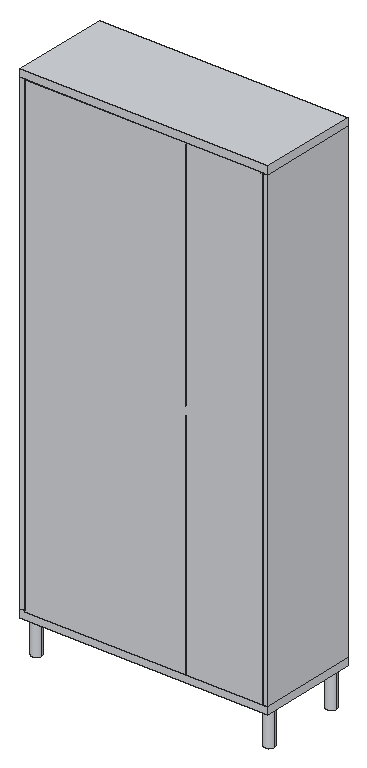
Revit family
Parameters (values of type "1000 x 400mm")
  URL = ""
  Model = ""
  Frame Material = none
  Description = "Shelving unit"
  Base Material = none
  Shelf Material = none
  Manufacturer = "Revit"
  Cost = 0
  Assembly Code = "E2020200"
Reference planes
  plane 1 "Centro A/I": y = 0
  plane 2: z = 0
  plane 3 "Centro S/D": x = 0
  plane 4: z = 1140
  plane 5: z = 1110
  plane 6: x = -150
  plane 7: x = -160
  plane 8: x = 170
  plane 9: x = 160
  plane 10: z = 1780
  plane 11: z = 1770
  plane 12: z = 1460
  plane 13: z = 1450
  plane 14: z = 790
  plane 15: z = 780
  plane 16: z = 460
  plane 17: z = 470
Forms (mm)
  Extrusion 1, solid, material <- "Frame Material"
    sketch origin (45.894, 0, 0) x (1, 0, 0) y (0, 1, 0)
      loop
        line (434.106, 208.575) -> (434.106, -191.425) -> (454.106, -191.425) -> (454.106, 208.575) -> (434.106, 208.575)
    from 170 to 2090
  Extrusion 2, solid, material <- "Frame Material"
    sketch origin (-934.106, 0, 0) x (1, 0, 0) y (0, 1, 0)
      loop
        line (434.106, 208.575) -> (434.106, -191.425) -> (454.106, -191.425) -> (454.106, 208.575) -> (434.106, 208.575)
    from 170 to 2090
  Extrusion 3, solid, material <- "Frame Material"
    sketch origin (45.894, 0, 0) x (1, 0, 0) y (0, 1, 0)
      loop
        line (-545.894, 208.575) -> (-545.894, -191.425) -> (454.106, -191.425) -> (454.106, 208.575) -> (-545.894, 208.575)
    from 140 to 170
  Extrusion 4, solid, material <- "Frame Material"
    sketch origin (45.894, 0, 0) x (1, 0, 0) y (0, 1, 0)
      loop
        line (-545.894, 208.575) -> (-545.894, -191.425) -> (454.106, -191.425) -> (454.106, 208.575) -> (-545.894, 208.575)
    from 2090 to 2120
  Extrusion 5, solid, material <- "Base Material"
    sketch origin (70.514, -4.341, 0) x (1, 0, 0) y (0, 1, 0)
      loop
        circle (398.427, -142.477) r 20
    from 0 to 140
  Extrusion 6, solid, material <- "Base Material"
    sketch origin (70.514, 24.341, 0) x (1, 0, 0) y (0, 1, 0)
      loop
        circle (398.427, 142.477) r 20
    from 0 to 140
  Extrusion 7, solid, material <- "Base Material"
    sketch origin (-70.514, -4.341, 0) x (-1, 0, 0) y (0, -1, 0)
      loop
        circle (398.427, 142.477) r 20
    from 0 to 140
  Extrusion 8, solid, material <- "Base Material"
    sketch origin (-70.514, 24.341, 0) x (-1, 0, 0) y (0, -1, 0)
      loop
        circle (398.427, -142.477) r 20
    from 0 to 140
  Extrusion 9, solid, material <- "Frame Material"
    sketch origin (45.894, 0, 0) x (1, 0, 0) y (0, 1, 0)
      loop
        line (-525.894, 208.575) -> (-525.894, -191.425) -> (434.106, -191.425) -> (434.106, 208.575) -> (-525.894, 208.575)
    from 1110 to 1140
  Extrusion 10, solid, material <- "Shelf Material"
    sketch origin (45.894, 0, 120) x (1, 0, 0) y (0, 1, 0)
      loop
        line (-205.894, 194.228) -> (-205.894, -191.425) -> (-195.894, -191.425) -> (-195.894, 194.228) -> (-205.894, 194.228)
    from 1020 to 1970
  Extrusion 11, solid, material <- "Shelf Material"
    sketch origin (365.894, 0, 120) x (1, 0, 0) y (0, 1, 0)
      loop
        line (-205.894, 194.228) -> (-205.894, -191.425) -> (-195.894, -191.425) -> (-195.894, 194.228) -> (-205.894, 194.228)
    from 1020 to 1970
  Extrusion 12, solid, material <- "Shelf Material"
    sketch origin (45.894, 0, -940) x (1, 0, 0) y (0, 1, 0)
      loop
        line (-205.894, 194.228) -> (-205.894, -191.425) -> (-195.894, -191.425) -> (-195.894, 194.228) -> (-205.894, 194.228)
    from 1110 to 2050
  Extrusion 13, solid, material <- "Shelf Material"
    sketch origin (365.894, 0, -940) x (1, 0, 0) y (0, 1, 0)
      loop
        line (-205.894, 194.228) -> (-205.894, -191.425) -> (-195.894, -191.425) -> (-195.894, 194.228) -> (-205.894, 194.228)
    from 1110 to 2050
  Extrusion 14, solid, material <- "Shelf Material"
    sketch origin (195.894, 0, 120) x (1, 0, 0) y (0, 1, 0)
      loop
        line (-25.894, 180) -> (-25.894, -186.276) -> (284.106, -186.276) -> (284.106, 180) -> (-25.894, 180)
    from 1650 to 1660
  Extrusion 15, solid, material <- "Shelf Material"
    sketch origin (-124.106, 0, 120) x (1, 0, 0) y (0, 1, 0)
      loop
        line (-25.894, 180) -> (-25.894, -186.276) -> (284.106, -186.276) -> (284.106, 180) -> (-25.894, 180)
    from 1650 to 1660
  Extrusion 16, solid, material <- "Shelf Material"
    sketch origin (-444.106, 0, 120) x (1, 0, 0) y (0, 1, 0)
      loop
        line (-25.894, 180) -> (-25.894, -186.276) -> (284.106, -186.276) -> (284.106, 180) -> (-25.894, 180)
    from 1650 to 1660
  Extrusion 17, solid, material <- "Shelf Material"
    sketch origin (195.894, 0, -200) x (1, 0, 0) y (0, 1, 0)
      loop
        line (-25.894, 180) -> (-25.894, -186.276) -> (284.106, -186.276) -> (284.106, 180) -> (-25.894, 180)
    from 1650 to 1660
  Extrusion 18, solid, material <- "Shelf Material"
    sketch origin (-124.106, 0, -200) x (1, 0, 0) y (0, 1, 0)
      loop
        line (-25.894, 180) -> (-25.894, -186.276) -> (284.106, -186.276) -> (284.106, 180) -> (-25.894, 180)
    from 1650 to 1660
  Extrusion 19, solid, material <- "Shelf Material"
    sketch origin (-444.106, 0, -200) x (1, 0, 0) y (0, 1, 0)
      loop
        line (-25.894, 180) -> (-25.894, -186.276) -> (284.106, -186.276) -> (284.106, 180) -> (-25.894, 180)
    from 1650 to 1660
  Extrusion 20, solid, material <- "Shelf Material"
    sketch origin (195.894, 0, -870) x (1, 0, 0) y (0, 1, 0)
      loop
        line (-25.894, 180) -> (-25.894, -186.276) -> (284.106, -186.276) -> (284.106, 180) -> (-25.894, 180)
    from 1650 to 1660
  Extrusion 21, solid, material <- "Shelf Material"
    sketch origin (-124.106, 0, -870) x (1, 0, 0) y (0, 1, 0)
      loop
        line (-25.894, 180) -> (-25.894, -186.276) -> (284.106, -186.276) -> (284.106, 180) -> (-25.894, 180)
    from 1650 to 1660
  Extrusion 22, solid, material <- "Shelf Material"
    sketch origin (-444.106, 0, -870) x (1, 0, 0) y (0, 1, 0)
      loop
        line (-25.894, 180) -> (-25.894, -186.276) -> (284.106, -186.276) -> (284.106, 180) -> (-25.894, 180)
    from 1650 to 1660
  Extrusion 23, solid, material <- "Shelf Material"
    sketch origin (195.894, 0, -1190) x (1, 0, 0) y (0, 1, 0)
      loop
        line (-25.894, 180) -> (-25.894, -186.276) -> (284.106, -186.276) -> (284.106, 180) -> (-25.894, 180)
    from 1650 to 1660
  Extrusion 24, solid, material <- "Shelf Material"
    sketch origin (-124.106, 0, -1190) x (1, 0, 0) y (0, 1, 0)
      loop
        line (-25.894, 180) -> (-25.894, -186.276) -> (284.106, -186.276) -> (284.106, 180) -> (-25.894, 180)
    from 1650 to 1660
  Extrusion 25, solid, material <- "Shelf Material"
    sketch origin (-444.106, 0, -1190) x (1, 0, 0) y (0, 1, 0)
      loop
        line (-25.894, 180) -> (-25.894, -186.276) -> (284.106, -186.276) -> (284.106, 180) -> (-25.894, 180)
    from 1650 to 1660
  Extrusion 26, solid, material <- "Shelf Material"
    sketch origin (-114.106, -3, 0) x (1, 0, 0) y (0, 1, 0)
      loop
        line (-365.894, -188.425) -> (-365.894, -191.425) -> (594.106, -191.425) -> (594.106, -188.425) -> (-365.894, -188.425)
    from 170 to 2090
Lines and regions (mm)
  sketch lines
    curve 1: line (-2000, 2000, 0) -> (2000, 2000, 0)
    curve 2: line (-2000, 2000, 0) -> (-2000, -2000, 0)
    curve 3: line (-2000, -2000, 0) -> (2000, -2000, 0)
    curve 4: line (2000, 2000, 0) -> (2000, -2000, 0)
  symbolic lines
    curve 5: line (-500, 208.575, 0) -> (500, 208.575, 0)
    curve 6: line (-500, -191.425, 0) -> (-500, 208.575, 0)
    curve 7: line (500, -191.425, 0) -> (-500, -191.425, 0)
    curve 8: line (500, 208.575, 0) -> (500, -191.425, 0)
Dimensions and locks
  aligned and locked: curve 5 to Extrusion 2
  aligned and locked: curve 5 to Extrusion 3
  aligned and locked: Extrusion 3 to curve 8
  aligned and locked: curve 8 to Extrusion 1
Automatic sketch dimensions
  curve 2 to curve 3 = 4000 mm
  curve 2 to curve 2 = 4000 mm
  plane 3 "Centro S/D" to Extrusion 1 sketch curve = 480 mm
  Extrusion 1 sketch curve to Extrusion 1 sketch curve = 20 mm
  plane 1 "Centro A/I" to Extrusion 1 sketch curve = 191.425 mm
  Extrusion 1 sketch curve to plane 1 "Centro A/I" = 208.575 mm
  plane 1 "Centro A/I" to Extrusion 2 sketch curve = 191.425 mm
  Extrusion 2 sketch curve to plane 3 "Centro S/D" = 500 mm
  Extrusion 2 sketch curve to Extrusion 2 sketch curve = 20 mm
  Extrusion 2 sketch curve to plane 1 "Centro A/I" = 208.575 mm
  plane 1 "Centro A/I" to Extrusion 3 sketch curve = 191.425 mm
  Extrusion 3 sketch curve to plane 3 "Centro S/D" = 500 mm
  plane 3 "Centro S/D" to Extrusion 3 sketch curve = 500 mm
  Extrusion 3 sketch curve to plane 1 "Centro A/I" = 208.575 mm
  plane 1 "Centro A/I" to Extrusion 4 sketch curve = 191.425 mm
  Extrusion 4 sketch curve to plane 3 "Centro S/D" = 500 mm
  plane 3 "Centro S/D" to Extrusion 4 sketch curve = 500 mm
  Extrusion 4 sketch curve to plane 1 "Centro A/I" = 208.575 mm
  plane 3 "Centro S/D" to Extrusion 5 sketch curve = 448.941 mm
  Extrusion 5 sketch curve to Extrusion 5 sketch curve = 20 mm
  plane 1 "Centro A/I" to Extrusion 5 sketch curve = 146.819 mm
  plane 3 "Centro S/D" to Extrusion 6 sketch curve = 448.941 mm
  Extrusion 6 sketch curve to Extrusion 6 sketch curve = 20 mm
  Extrusion 6 sketch curve to plane 1 "Centro A/I" = 166.819 mm
  plane 1 "Centro A/I" to Extrusion 7 sketch curve = 146.819 mm
  Extrusion 7 sketch curve to plane 3 "Centro S/D" = 448.941 mm
  Extrusion 7 sketch curve to Extrusion 7 sketch curve = 20 mm
  Extrusion 8 sketch curve to plane 1 "Centro A/I" = 166.819 mm
  Extrusion 8 sketch curve to plane 3 "Centro S/D" = 448.941 mm
  Extrusion 8 sketch curve to Extrusion 8 sketch curve = 20 mm
  plane 1 "Centro A/I" to Extrusion 9 sketch curve = 191.425 mm
  Extrusion 9 sketch curve to plane 3 "Centro S/D" = 480 mm
  plane 3 "Centro S/D" to Extrusion 9 sketch curve = 480 mm
  Extrusion 9 sketch curve to plane 1 "Centro A/I" = 208.575 mm
  plane 7 to Extrusion 10 sketch curve = 0 mm
  plane 8 to Extrusion 10 sketch curve = 320 mm
  plane 1 "Centro A/I" to Extrusion 10 sketch curve = 191.425 mm
  Extrusion 10 sketch curve to plane 1 "Centro A/I" = 194.228 mm
  Extrusion 11 sketch curve to plane 9 = 0 mm
  Extrusion 11 sketch curve to plane 8 = 0 mm
  plane 1 "Centro A/I" to Extrusion 11 sketch curve = 191.425 mm
  Extrusion 11 sketch curve to plane 1 "Centro A/I" = 194.228 mm
  Extrusion 12 sketch curve to plane 7 = 0 mm
  Extrusion 12 sketch curve to plane 6 = 0 mm
  plane 1 "Centro A/I" to Extrusion 12 sketch curve = 191.425 mm
  Extrusion 12 sketch curve to plane 1 "Centro A/I" = 194.228 mm
  Extrusion 13 sketch curve to plane 9 = 0 mm
  Extrusion 13 sketch curve to plane 8 = 0 mm
  plane 1 "Centro A/I" to Extrusion 13 sketch curve = 191.425 mm
  Extrusion 13 sketch curve to plane 1 "Centro A/I" = 194.228 mm
  plane 3 "Centro S/D" to Extrusion 14 sketch curve = 480 mm
  Extrusion 14 sketch curve to Extrusion 14 sketch curve = 310 mm
  plane 1 "Centro A/I" to Extrusion 14 sketch curve = 186.276 mm
  Extrusion 14 sketch curve to plane 1 "Centro A/I" = 180 mm
  Extrusion 15 sketch curve to Extrusion 15 sketch curve = 310 mm
  Extrusion 16 sketch curve to plane 7 = 0 mm
  plane 7 to Extrusion 16 sketch curve = 310 mm
  plane 1 "Centro A/I" to Extrusion 16 sketch curve = 186.276 mm
  Extrusion 16 sketch curve to plane 1 "Centro A/I" = 180 mm
  Extrusion 17 sketch curve to plane 8 = 0 mm
  Extrusion 17 sketch curve to Extrusion 17 sketch curve = 310 mm
  plane 1 "Centro A/I" to Extrusion 17 sketch curve = 186.276 mm
  Extrusion 17 sketch curve to plane 1 "Centro A/I" = 180 mm
  Extrusion 18 sketch curve to plane 6 = 0 mm
  Extrusion 18 sketch curve to plane 9 = 0 mm
  plane 1 "Centro A/I" to Extrusion 18 sketch curve = 186.276 mm
  Extrusion 18 sketch curve to plane 1 "Centro A/I" = 180 mm
  Extrusion 19 sketch curve to plane 7 = 0 mm
  plane 7 to Extrusion 19 sketch curve = 310 mm
  plane 1 "Centro A/I" to Extrusion 19 sketch curve = 186.276 mm
  Extrusion 19 sketch curve to plane 1 "Centro A/I" = 180 mm
  Extrusion 20 sketch curve to plane 8 = 0 mm
  Extrusion 20 sketch curve to Extrusion 20 sketch curve = 310 mm
  plane 1 "Centro A/I" to Extrusion 20 sketch curve = 186.276 mm
  Extrusion 20 sketch curve to plane 1 "Centro A/I" = 180 mm
  Extrusion 21 sketch curve to plane 6 = 0 mm
  Extrusion 21 sketch curve to plane 9 = 0 mm
  plane 1 "Centro A/I" to Extrusion 21 sketch curve = 186.276 mm
  Extrusion 21 sketch curve to plane 1 "Centro A/I" = 180 mm
  Extrusion 22 sketch curve to plane 7 = 0 mm
  plane 7 to Extrusion 22 sketch curve = 310 mm
  plane 1 "Centro A/I" to Extrusion 22 sketch curve = 186.276 mm
  Extrusion 22 sketch curve to plane 1 "Centro A/I" = 180 mm
  Extrusion 23 sketch curve to plane 8 = 0 mm
  Extrusion 23 sketch curve to Extrusion 23 sketch curve = 310 mm
  plane 1 "Centro A/I" to Extrusion 23 sketch curve = 186.276 mm
  Extrusion 23 sketch curve to plane 1 "Centro A/I" = 180 mm
  Extrusion 24 sketch curve to plane 6 = 0 mm
  Extrusion 24 sketch curve to plane 9 = 0 mm
  plane 1 "Centro A/I" to Extrusion 24 sketch curve = 186.276 mm
  Extrusion 24 sketch curve to plane 1 "Centro A/I" = 180 mm
  Extrusion 25 sketch curve to plane 7 = 0 mm
  plane 7 to Extrusion 25 sketch curve = 310 mm
  plane 1 "Centro A/I" to Extrusion 25 sketch curve = 186.276 mm
  Extrusion 25 sketch curve to plane 1 "Centro A/I" = 180 mm
  plane 8 to Extrusion 26 sketch curve = 650 mm
  Extrusion 26 sketch curve to Extrusion 26 sketch curve = 960 mm
  plane 1 "Centro A/I" to Extrusion 26 sketch curve = 194.425 mm
  plane 1 "Centro A/I" to Extrusion 26 sketch curve = 191.425 mm
